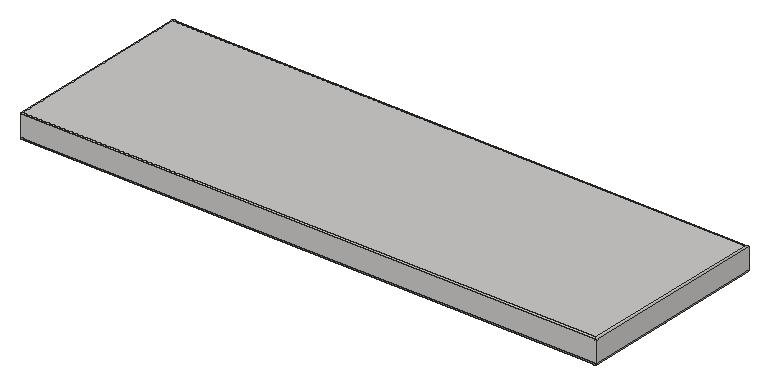
Revit family "rba-bim-b296x18", category Plumbing Fixtures, Revit 2018
Family settings
  Round Connector Dimension = Use Diameter
  Part Type = Normal
  Work Plane-Based = No
  Always vertical = Yes
  Cut with Voids When Loaded = No
  Shared = Yes
  Room Calculation Point = No
Parameters (values of type "B296x18")
  Watermarked By = "www.rba.com.au"
  Waste Connection = yes
  Vent Connection = yes
  URL = "www.rba.com.au"
  Phone Number = ""
  Modified Issue = "20200430.01"
  Model = "B296x18"
  Materials and Finishes = Stainless Steel Satin Finish
  Manufacturer Model = ""
  Manufacturer = "Bobrick Washroom Equipment"
  HW Connection = yes
  Description = "Stainless Steel Shelf"
  Copyright by = "RBA Group"  # constant formula
  CW Connection = yes
Reference planes
  plane 1 "Center (Front/Back)": y = 0
  plane 2: z = 0
  plane 3 "Center (Left/Right)": x = 0
  plane 4: x = 152.5
  plane 5: x = -152.5
  plane 6: z = 53
  plane 7: z = 75
  plane 8: z = 56
  plane 9: x = -227.5
  plane 10: x = 227.5
  plane 11: y = -150
Forms (mm)
  Extrusion 1, solid, material "Stainless Steel Satin Finish" <- "Materials and Finishes"
    sketch origin (0, 0, -13.097) x (1, 0, 0) y (0, 1, 0)
      loop
        line (-227.5, 0) -> (-227.5, -150) -> (227.5, -150) -> (227.5, 0) -> (-227.5, 0)
    from 69.097 to 88.097
  Sweep 2, void
    path in 3D
      loop
        line (-227.5, 0, 75) -> (-227.5, -150, 75) -> (227.5, -150, 75) -> (227.5, 0, 75) -> (-227.5, 0, 75)
    profile origin (0, 0, 75) x (0, -1, 0) y (0, 0, 1)
      loop
        line (0, 0) -> (0, -1)
        arc (0, -1) -> (0.293, -0.293) -> (1, 0) r 1
        line (1, 0) -> (0, 0)
  Sweep 3, void
    path in 3D
      loop
        line (-227.5, 0, 56) -> (-227.5, -150, 56) -> (227.5, -150, 56) -> (227.5, 0, 56) -> (-227.5, 0, 56)
    profile origin (0, 0, 56) x (0, 1, 0) y (0, 0, -1)
      loop
        line (0, 0) -> (-1, 0)
        arc (-1, 0) -> (-0.293, -0.293) -> (0, -1) r 1
        line (0, -1) -> (0, 0)
  Extrusion 4, void
    sketch origin (0, 0, -3) x (1, 0, 0) y (0, 1, 0)
      loop
        line (224.5, -147) -> (224.5, -3) -> (-224.5, -3) -> (-224.5, -147) -> (224.5, -147)
    from 59 to 75
  Extrusion 5, void
    sketch origin (188.61, 0, 2) x (1, 0, 0) y (0, 0, 1)
      loop
        circle (-36.11, 51) r 2.5
      loop
        circle (-36.11, 6) r 2.5
    from 0 to 3
  Extrusion 6, solid, material "Stainless Steel Satin Finish" <- "Materials and Finishes"
    sketch origin (186.5, 0, 0) x (1, 0, 0) y (0, 1, 0)
      loop
        line (-46.5, -3) -> (-24.5, -3)
        arc (-24.5, -3) -> (-23.439, -3.439) -> (-23, -4.5) r 1.5
        line (-23, -4.5) -> (-23, -125) -> (-21.5, -125) -> (-21.5, -3)
        arc (-21.5, -3) -> (-22.379, -0.879) -> (-24.5, 0) r 3
        line (-24.5, 0) -> (-46.5, 0) -> (-46.5, -3)
    from 0 to 73.5
  Extrusion 7, void
    sketch origin (186.5, 0, 0) x (0, 1, 0) y (0, 0, 1)
      loop
        line (-3.321, 0) -> (-138.098, 71.518) -> (-138.098, 0) -> (-3.321, 0)
    from -28 to -16.919
  Extrusion 8, void
    sketch origin (-188.61, 0, 2) x (-1, 0, 0) y (0, 0, -1)
      loop
        circle (-36.11, -51) r 2.5
      loop
        circle (-36.11, -6) r 2.5
    from 0 to 3
  Extrusion 9, solid, material "Stainless Steel Satin Finish" <- "Materials and Finishes"
    sketch origin (-186.5, 0, 0) x (-1, 0, 0) y (0, -1, 0)
      loop
        line (-46.5, 3) -> (-46.5, 0) -> (-24.5, 0)
        arc (-24.5, 0) -> (-22.379, 0.879) -> (-21.5, 3) r 3
        line (-21.5, 3) -> (-21.5, 125) -> (-23, 125) -> (-23, 4.5)
        arc (-23, 4.5) -> (-23.439, 3.439) -> (-24.5, 3) r 1.5
        line (-24.5, 3) -> (-46.5, 3)
    from 0 to 73.5
  Extrusion 10, void
    sketch origin (-186.5, 0, 0) x (0, 1, 0) y (0, 0, -1)
      loop
        line (-3.321, 0) -> (-138.098, 0) -> (-138.098, -71.518) -> (-3.321, 0)
    from -28 to -16.919
Cuts and joins
  Sweep 2, Sweep 3, Extrusion 4 cuts Extrusion 1
  Extrusion 5, Extrusion 7 cuts Extrusion 6
  Extrusion 8, Extrusion 10 cuts Extrusion 9
  joined: Extrusion 1, Extrusion 6, Extrusion 9
Lines and regions (mm)
  sketch lines
    curve 1: line (227.5, 0, 75) -> (-227.5, 0, 75)
    curve 2: line (227.5, 0, 56) -> (-227.5, 0, 56)
    curve 3: line (-227.5, 0, 75) -> (-227.5, -150, 75)
    curve 4: line (227.5, -150, 75) -> (227.5, 0, 75)
    curve 5: line (-227.5, -150, 56) -> (-227.5, 0, 56)
    curve 6: line (227.5, 0, 56) -> (227.5, -150, 56)
    curve 7: line (-227.5, -150, 75) -> (227.5, -150, 75)
    curve 8: line (227.5, -150, 56) -> (-227.5, -150, 56)
Dimensions and locks
  aligned and locked: plane 2 to level
